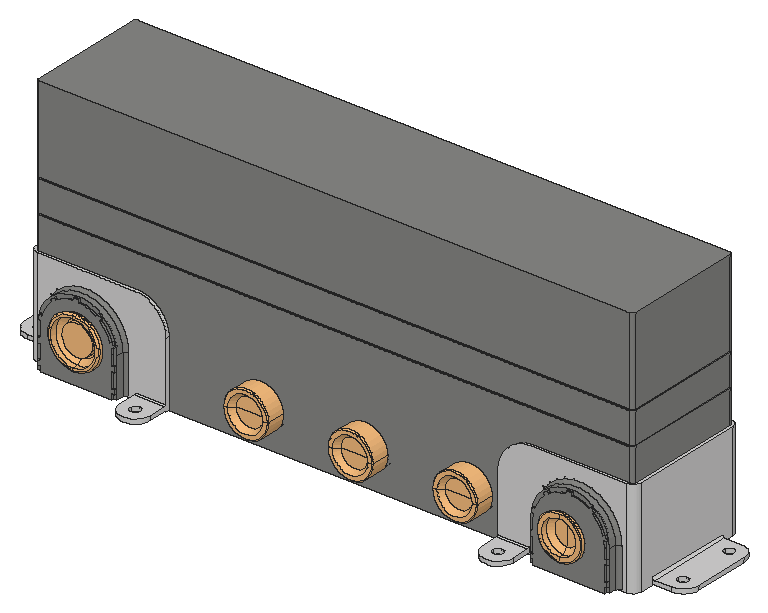
Revit family "Valve-Four_Outlet_Thermostatic-KOHLER-26342W_1", category Plumbing Fixtures, host Face, Revit 2017
Family settings
  Host = Face
  Round Connector Dimension = Use Diameter
  Part Type = Normal
  OmniClass Number = 23.27.31.00
  OmniClass Title = Valves
  Cut with Voids When Loaded = No
  Shared = No
  Room Calculation Point = No
Parameters (values of type "NA-Not Applicable")
  Width = 16 33/64"  # constant formula
  WaterSense Certified = 1 = 0  # no
  Waste Connection = 1 = 0  # no
  Vent Connection = 1 = 0  # no
  Tempered Water Outlet 4 = "Tempered Water Outlet 4"  # constant formula
  Tempered Water Outlet 3 = "Tempered Water Outlet 3"  # constant formula
  Tempered Water Outlet 2 = "Tempered Water Outlet 2"  # constant formula
  Tempered Water Outlet 1 = "Tempered Water Outlet 1"  # constant formula
  URL = "https://www.kohler.co.uk/"
  Type = 1
  Product Page URL = ""
  Product Name = ""
  Product Documentation Link = ""
  Pressure = 0.00 psi  # constant formula
  Model = "26342W-NA"  # constant formula
  Material = "Plastic construction"  # constant formula
  Master Format 2014 Name = "Control Valves"  # constant formula
  Master Format 2014 = "23 09 13.33"  # constant formula
  Manufacturer Address = "Cromwell Road, Cheltenham, Gloucestershire. GL52 5EP Registered in England No. 252115"  # constant formula
  Manufacturer = "KOHLER Co."  # constant formula
  Length = 6 13/128"  # constant formula
  Hot Water Inlet = "Hot Water Inlet"  # constant formula
  Height = 4 113/128"  # constant formula
  HW Connection = 1 = 1  # yes
  Flow Rate = 1.75 GPM  # constant formula
  Finish = Kohler-Plastic-58-Thunder_Grey
  Environmental Product Declaration = ""
  Description = "REC PUSH-BUTTON TH VALVE- 4 OUTLET"  # constant formula
  Default Elevation = 42"
  Declare Label = ""
  Date Modified = "02/09/2021"  # constant formula
  Date Created = "02/09/2021"  # constant formula
  Copyright = "Copyright KOHLER Co."  # constant formula
  Contact Us = "https://www.kohler.co.uk/support/contact/"
  Tempered Water Outlet 4 UP [instance] = yes
  Tempered Water Outlet 4 Down [instance] = not(Tempered Water Outlet 4 UP)  # no
  Tempered Water Outlet 3 UP [instance] = yes
  Tempered Water Outlet 3 Down [instance] = not(Tempered Water Outlet 3 UP)  # no
  Tempered Water Outlet 2 UP [instance] = yes
  Tempered Water Outlet 2 Down [instance] = not(Tempered Water Outlet 2 UP)  # no
  Tempered Water Outlet 1 UP [instance] = yes
  Tempered Water Outlet 1 Down [instance] = not(Tempered Water Outlet 1 UP)  # no
  Cold Water Inlet = "Cold Water Inlet"  # constant formula
  CW Connection = 1 = 1  # yes
  Assembly Code = "D2020"
  ADA Compliant = 1 = 0  # no
Reference planes (in)
  plane 1 "Center (Front/Back)": y = 0
  plane 2: z = 0
  plane 3 "Center (Left/Right)": x = 0
  plane 4: y = 2.44056
  plane 5: y = -2.44225
  plane 6: x = -8.2579
  plane 7: x = 8.25773
  plane 8: y = 2.06786
  plane 9: x = -7.88396
  plane 10: x = 7.88396
  plane 11: y = 0.7088
  plane 12: y = -0.7088
  plane 13: y = -2.06786
  plane 14: x = -4.439
  plane 15: x = 4.439
  plane 16: y = 1.59449
  plane 17: y = -1.59449
  plane 18: x = -7.41144
  plane 19: x = 7.41144
  plane 20: x = -6.0332
  plane 21: x = -1.81655
  plane 22: x = 3.3062
  plane 23: x = 0.7424
  plane 24: y = 1.06299
  plane 25: y = -1.06299
  plane 26: y = 1.51575
  plane 27: y = -1.51575
  plane 28: x = -7.31302
  plane 29: x = 3.67991
  plane 30: x = 7.31302
  plane 31: x = 5.84649
  plane 32: z = -6.10156
  plane 33: z = -5.22155
  plane 34: z = -5.11726
Forms (in)
  Extrusion 1, void
    sketch origin (0, 0, 0) x (1, 0, 0) y (0, 1, 0)
      loop
        line (-7.41144, 1.59449) -> (-7.41144, -1.59449) -> (7.41144, -1.59449) -> (7.41144, 1.59449) -> (-7.41144, 1.59449)
    from -6.10156 to 0.42611
  Extrusion 2, void
    sketch origin (0, 0, 0) x (1, 0, 0) y (0, 1, 0)
      loop
        line (-8.2579, 2.44188) -> (-8.2579, -2.44056) -> (8.2579, -2.44056) -> (8.2579, 2.44188) -> (-8.2579, 2.44188)
    from -6.10236 to -3.65797
Dimensions and locks (in)
  "Width": plane 6 to plane 7
  plane 14 to plane 15 = 8.878"
  plane 9 to plane 10 = 15.76792"
  plane 12 to plane 11 = 1.4176"
  plane 18 to plane 19 = 14.82288"
  plane 16 to plane 17 = 3.18898"
  plane 28 to plane 30 = 14.62603"
  plane 30 to plane 28 = 14.62603"
  plane 34 to plane 32 = 0.98431"
  plane 33 to plane 32 = 0.88001"
  "Length": level to plane 32
  "Height": plane 4 to plane 5
  aligned and locked: plane 2 to host face
  aligned and locked: level to host face
Automatic sketch dimensions
  host sketch curve to host sketch curve = 96"  (x2)
  Extrusion 1 sketch curve to plane 18 = 0"
  plane 17 to Extrusion 1 sketch curve = 0"
  Extrusion 1 sketch curve to plane 16 = 0"
  Extrusion 1 sketch curve to plane 19 = 0"
  Extrusion 2 sketch curve to plane 5 = 0.00169"
  plane 4 to Extrusion 2 sketch curve = 0.00132"
  Extrusion 2 sketch curve to plane 6 = 0"
  plane 7 to Extrusion 2 sketch curve = 0.00017"
Nested families (in)
  nested 1: "26342W" at (0, 0, -6.10236), type "26342W"
Connectors (in)
  piping at (-1.81655, 1.9404, -5.22241), diameter 0.5, driven by "Tempered Water Outlet 1", driven by "Flow Rate", driven by "HW Connection"
    settings: on nested 1, index 1, connector inside diameter 24", connector length 0", flow factor 0, pipe flow 1.75 GPM, pressure drop 0.00 psi, fitting loss kfactor 0, connector angle 0.00°, fixture units 0, engagement length 0", angle of deflection 0.00°, flow configuration 1, flow direction 2, fitting loss method 0, system type 19, joint type 0, gender type 0, connector reference index -1, connector utility 1, adjustable connector no, is connector primary yes, connector description "Tempered Water Outlet 1"
  piping at (0.7424, 1.9404, -5.22241), diameter 0.5, driven by "Flow Rate", driven by "HW Connection", driven by "Tempered Water Outlet 2"
    settings: on nested 1, index 2, connector inside diameter 24", connector length 0", flow factor 0, pipe flow 1.75 GPM, pressure drop 0.00 psi, fitting loss kfactor 0, connector angle 0.00°, fixture units 0, engagement length 0", angle of deflection 0.00°, flow configuration 1, flow direction 2, fitting loss method 0, system type 19, joint type 0, gender type 0, connector reference index -1, connector utility 1, adjustable connector no, is connector primary no, connector description "Tempered Water Outlet 2"
  piping at (3.3062, 1.94039, -5.22241), diameter 0.5, driven by "Flow Rate", driven by "HW Connection", driven by "Tempered Water Outlet 3"
    settings: on nested 1, index 3, connector inside diameter 24", connector length 0", flow factor 0, pipe flow 1.75 GPM, pressure drop 0.00 psi, fitting loss kfactor 0, connector angle 0.00°, fixture units 0, engagement length 0", angle of deflection 0.00°, flow configuration 1, flow direction 2, fitting loss method 0, system type 19, joint type 0, gender type 0, connector reference index -1, connector utility 1, adjustable connector no, is connector primary no, connector description "Tempered Water Outlet 3"
  piping at (5.84649, 1.85039, -5.22241), diameter 0.5, driven by "Flow Rate", driven by "HW Connection", driven by "Tempered Water Outlet 4"
    settings: on nested 1, index 4, connector inside diameter 24", connector length 0", flow factor 0, pipe flow 1.75 GPM, pressure drop 0.00 psi, fitting loss kfactor 0, connector angle 0.00°, fixture units 0, engagement length 0", angle of deflection 0.00°, flow configuration 1, flow direction 2, fitting loss method 0, system type 19, joint type 0, gender type 0, connector reference index -1, connector utility 1, adjustable connector no, is connector primary no, connector description "Tempered Water Outlet 4"
  piping at (-6.0332, -1.85039, -5.11811), diameter 0.75, driven by "Flow Rate", driven by "HW Connection", driven by "Hot Water Inlet"
    settings: on nested 1, index 5, connector inside diameter 24", connector length 0", flow factor 0, pipe flow 1.75 GPM, pressure drop 0.00 psi, fitting loss kfactor 0, connector angle 0.00°, fixture units 0, engagement length 0", angle of deflection 0.00°, flow configuration 1, flow direction 1, fitting loss method 0, system type 19, joint type 0, gender type 0, connector reference index -1, connector utility 1, adjustable connector no, is connector primary no, connector description "Hot Water Inlet"
  piping at (-6.0332, 1.85039, -5.11811), diameter 0.75, driven by "Flow Rate", driven by "CW Connection", driven by "Cold Water Inlet"
    settings: on nested 1, index 6, connector inside diameter 24", connector length 0", flow factor 0, pipe flow 1.75 GPM, pressure drop 0.00 psi, fitting loss kfactor 0, connector angle 0.00°, fixture units 0, engagement length 0", angle of deflection 0.00°, flow configuration 0, flow direction 1, fitting loss method 0, system type 20, joint type 0, gender type 0, connector reference index -1, connector utility 1, adjustable connector no, is connector primary no, connector description "Cold Water Inlet"
Definition of nested family "26342W"
  Parameters (values of type "26342W")
    Material = none
    Connector 4 UP = yes
    Connector 4 Down = not(Connector 4 UP)  # no
    Connector 4 Dis = if(Connector 4 UP, 3 1/32", 0")  # 3 1/32"
    Connector 4 Angle = if(Connector 4 UP, 0.00°, 180.00°)  # 0.00°
    Connector 3 UP = yes
    Connector 3 Down = not(Connector 3 UP)  # no
    Connector 3 Dis = if(Connector 3 UP, 3 1/32", 0")  # 3 1/32"
    Connector 3 Angle = if(Connector 3 UP, 180.00°, 0.00°)  # 180.00°
    Connector 2 UP = yes
    Connector 2 Down = not(Connector 2 UP)  # no
    Connector 2 Dis = if(Connector 2 UP, 3 1/32", 0")  # 3 1/32"
    Connector 2 Angle = if(Connector 2 UP, 0.00°, 180.00°)  # 0.00°
    Connector 1 UP = yes
    Connector 1 Down = not(Connector 1 UP)  # no
    Connector 1 Dis = if(Connector 1 UP, 3 1/32", 0")  # 3 1/32"
    Connector 1 Angle = if(Connector 1 UP, 180.00°, 0.00°)  # 180.00°
  Reference planes (in)
    plane 1 "Center (Front/Back)": y = 0
    plane 2: z = 0
    plane 3 "Center (Left/Right)": x = 0
    plane 4: y = 2.44056
    plane 5: y = 1.51575
    plane 6: y = -2.44056
    plane 7: y = -1.51575
    plane 8: y = 1.59449
    plane 9: y = -1.59449
    plane 10: x = -8.2579
    plane 11: x = -7.41144
    plane 12: x = -7.31302
    plane 13: x = -7.0079
    plane 14: x = -6.96853
    plane 15: x = -5.05851
    plane 16: x = -5.09788
    plane 17: x = -4.81302
    plane 18: x = -4.06498
    plane 19: x = -2.37242
    plane 20: x = -1.26962
    plane 21: x = 0.18692
    plane 22: x = 1.28972
    plane 23: x = 2.74605
    plane 24: x = 3.84885
    plane 25: x = 4.06498
    plane 26: x = 4.81302
    plane 27: x = 5.05851
    plane 28: x = 5.09788
    plane 29: x = 5.30429
    plane 30: x = 6.40685
    plane 31: x = 6.96853
    plane 32: x = 7.0079
    plane 33: x = 8.2579
    plane 34: x = 7.41144
    plane 35: x = 7.31302
    plane 36: z = 6.10236
    plane 37: z = 5.70866
    plane 38: z = 2.38189
    plane 39: z = 0.11829
    plane 40: x = -7.06464
    plane 41: x = -7.21499
    plane 42: x = -4.99619
    plane 43: x = -4.93113
    plane 44: x = 4.96061
    plane 45: x = 7.10628
    plane 46: x = 7.21499
    plane 47: x = -1.81655
    plane 48: x = 5.84649
    plane 49: x = 3.3062
    plane 50: x = 0.7424
    plane 51: x = -6.0332
    plane 52: y = 1.43715
    plane 53: y = 1.39764
    plane 54: y = -1.43715
    plane 55: y = -1.39764
    plane 56: y = -0.04594
    plane 57: y = 1.06299
    plane 58: y = -1.06299
    plane 59: y = 0.7088
    plane 60: y = -0.70874
    plane 61: y = 2.06786
    plane 62: x = -4.439
    plane 63: x = -7.88396
    plane 64: x = 7.88396
    plane 65: y = -2.06786
    plane 66: x = 4.439
    plane 67: z = 0.21715
    plane 68 "B": y = 1.5155
    plane 69 "C": y = 1.5155
    plane 70 "D": y = 1.5155
    plane 71 "E": y = 1.5155
    plane 72: z = 0.87995
    plane 73: z = 0.98425
    plane 74: y = 1.98819
    plane 75: y = -1.98819
  Forms (in)
    Extrusion 1, solid, material <- "Material", detail levels medium+fine
      sketch origin (0, 0, 0) x (1, 0, 0) y (0, 1, 0)
        loop
          line (7.23528, 1.51575) -> (-7.23442, 1.51575)
          arc (-7.23442, 1.51575) -> (-7.29, 1.49273) -> (-7.31302, 1.43715) r 0.0786
          line (-7.31302, 1.43715) -> (-7.31302, -1.43749)
          arc (-7.31302, -1.43749) -> (-7.29009, -1.49283) -> (-7.23476, -1.51575) r 0.07826
          line (-7.23476, -1.51575) -> (7.23455, -1.51575)
          arc (7.23455, -1.51575) -> (7.29, -1.49278) -> (7.31297, -1.43733) r 0.07842
          line (7.31297, -1.43733) -> (7.31297, 1.43806)
          arc (7.31297, 1.43806) -> (7.29022, 1.49299) -> (7.23528, 1.51575) r 0.07769
      from 0 to 6.10236
    Extrusion 2, solid, detail levels medium+fine
      sketch origin (0, 0, 0) x (1, 0, 0) y (0, 1, 0)
        loop
          line (-3.3914, 1.59449) -> (-7.21405, 1.59449)
          arc (-7.21405, 1.59449) -> (-7.35363, 1.53667) -> (-7.41144, 1.3971) r 0.19739
          line (-7.41144, 1.3971) -> (-7.41144, -1.39804)
          arc (-7.41144, -1.39804) -> (-7.3539, -1.53695) -> (-7.21499, -1.59449) r 0.19645
          line (-7.21499, -1.59449) -> (-3.3914, -1.59449) -> (-3.3914, 1.59449)
        loop
          line (3.827, 1.59449) -> (3.827, -1.59449) -> (7.21499, -1.59449)
          arc (7.21499, -1.59449) -> (7.3539, -1.53695) -> (7.41144, -1.39804) r 0.19645
          line (7.41144, -1.39804) -> (7.41144, 1.3971)
          arc (7.41144, 1.3971) -> (7.35363, 1.53667) -> (7.21405, 1.59449) r 0.19739
          line (7.21405, 1.59449) -> (3.827, 1.59449)
      from 0 to 3.16929
    Extrusion 3, void
      sketch origin (0, 0, 0) x (1, 0, 0) y (0, 0, 1)
        loop
          arc (-4.8502, 2.38189) -> (-4.29497, 2.15191) -> (-4.06498, 1.59667) r 0.78522
          line (-4.06498, 1.59667) -> (-4.06498, -0.30561) -> (-3.06498, -0.30561) -> (-3.06498, 3.38189) -> (-7.81498, 3.38189) -> (-7.81498, 2.38189) -> (-4.8502, 2.38189)
        loop
          line (7.8518, 2.38189) -> (7.8518, 3.38189) -> (3.2893, 3.38189) -> (3.2893, -0.71748) -> (4.06494, -0.71748) -> (4.06494, 1.59502)
          arc (4.06494, 1.59502) -> (4.29541, 2.15142) -> (4.8518, 2.38189) r 0.78687
          line (4.8518, 2.38189) -> (7.8518, 2.38189)
      from -2.82494 to 2.86769
    Extrusion 4, solid, detail levels medium+fine
      sketch origin (0, 0, -0.00391) x (1, 0, 0) y (0, 1, 0)
        loop
          line (-7.41144, 1.06299) -> (-7.8832, 1.06299)
          arc (-7.8832, 1.06299) -> (-8.14815, 0.95325) -> (-8.2579, 0.68829) r 0.3747
          line (-8.2579, 0.68829) -> (-8.2579, -0.68823)
          arc (-8.2579, -0.68823) -> (-8.14813, -0.95323) -> (-7.88314, -1.06299) r 0.37476
          line (-7.88314, -1.06299) -> (-7.41144, -1.06299) -> (-7.41144, 1.06299)
        loop
          arc (-4.81302, -2.06655) -> (-4.439, -2.44056) -> (-4.06498, -2.06655) r 0.37402
          line (-4.06498, -2.06655) -> (-4.06498, -1.59449) -> (-4.81302, -1.59449) -> (-4.81302, -2.06655)
        loop
          line (-4.06498, 1.59449) -> (-4.06498, 2.06786)
          arc (-4.06498, 2.06786) -> (-4.439, 2.44188) -> (-4.81302, 2.06786) r 0.37402
          line (-4.81302, 2.06786) -> (-4.81302, 1.59449) -> (-4.06498, 1.59449)
        loop
          circle (-7.88396, 0.7088) r 0.12529
        loop
          circle (-7.88396, -0.7088) r 0.12529
        loop
          circle (-4.439, 2.06786) r 0.12354
        loop
          circle (-4.439, -2.06655) r 0.12509
        loop
          line (7.41144, 1.06299) -> (7.41144, -1.06299) -> (7.88314, -1.06299)
          arc (7.88314, -1.06299) -> (8.14813, -0.95323) -> (8.2579, -0.68823) r 0.37476
          line (8.2579, -0.68823) -> (8.2579, 0.68829)
          arc (8.2579, 0.68829) -> (8.14815, 0.95325) -> (7.8832, 1.06299) r 0.3747
          line (7.8832, 1.06299) -> (7.41144, 1.06299)
        loop
          line (4.81302, -2.06655) -> (4.81302, -1.59449) -> (4.06498, -1.59449) -> (4.06498, -2.06655)
          arc (4.06498, -2.06655) -> (4.439, -2.44056) -> (4.81302, -2.06655) r 0.37402
        loop
          line (4.06498, 1.59449) -> (4.81302, 1.59449) -> (4.81302, 2.06786)
          arc (4.81302, 2.06786) -> (4.439, 2.44188) -> (4.06498, 2.06786) r 0.37402
          line (4.06498, 2.06786) -> (4.06498, 1.59449)
        loop
          circle (7.88396, 0.7088) r 0.12529
        loop
          circle (7.88396, -0.7088) r 0.12529
        loop
          circle (4.439, 2.06786) r 0.12354
        loop
          circle (4.439, -2.06655) r 0.12509
      from 0.02344 to 0.12219
    Sweep 5, solid, material <- "Material", detail levels medium+fine
      path origin (0, 0, 0) x (1, 0, 0) y (0, 0, 1)
        loop
          line (-5.05908, 0.01969) -> (-5.05908, 0.98445)
          arc (-5.05908, 0.98445) -> (-6.03349, 1.95886) -> (-7.0079, 0.98445) r 0.97441
          line (-7.0079, 0.98445) -> (-7.0079, 0.01969)
      profile origin (-7.0079, 0, 0.50207) x (0, -1, 0) y (1, 0, 0)
        loop
          line (1.85039, 0) -> (1.85039, 0.31023) -> (1.58863, 0.31023) -> (1.58863, -0.07652)
          arc (1.58863, -0.07652) -> (1.62824, -0.02118) -> (1.69291, 0) r 0.10932
          line (1.69291, 0) -> (1.85039, 0)
        loop
          line (-1.85039, 0) -> (-1.69291, 0)
          arc (-1.69291, 0) -> (-1.62824, -0.02118) -> (-1.58863, -0.07652) r 0.10932
          line (-1.58863, -0.07652) -> (-1.58863, 0.31023) -> (-1.85039, 0.31023) -> (-1.85039, 0)
    Sweep 6, solid, material <- "Material", detail levels medium+fine
      path origin (0, 0, 0) x (-1, 0, 0) y (0, 0, 1)
        loop
          line (-5.05908, 0.01969) -> (-5.05908, 0.98445)
          arc (-5.05908, 0.98445) -> (-6.03349, 1.95886) -> (-7.0079, 0.98445) r 0.97441
          line (-7.0079, 0.98445) -> (-7.0079, 0.01969)
      profile origin (7.0079, 0, 0.50207) x (0, -1, 0) y (1, 0, 0)
        loop
          line (1.85039, 0) -> (1.69291, 0)
          arc (1.69291, 0) -> (1.62042, 0.02929) -> (1.58863, 0.10072) r 0.10435
          line (1.58863, 0.10072) -> (1.58863, -0.31023) -> (1.85039, -0.31023) -> (1.85039, 0)
        loop
          line (-1.85039, 0) -> (-1.85039, -0.31023) -> (-1.58863, -0.31023) -> (-1.58863, 0.10072)
          arc (-1.58863, 0.10072) -> (-1.62042, 0.02929) -> (-1.69291, 0) r 0.10435
          line (-1.69291, 0) -> (-1.85039, 0)
    Extrusion 7, solid, material <- "Material", detail levels medium+fine
      sketch origin (0, 0, 0) x (1, 0, 0) y (0, 0, 1)
        loop
          line (-6.90947, 0.1378) -> (-6.90947, 0) -> (-5.1575, 0) -> (-5.1575, 0.1378) -> (-5.09845, 0.1378) -> (-5.09845, 0.25591) -> (-5.1575, 0.25591) -> (-5.1575, 0.62992) -> (-5.09845, 0.62992) -> (-5.09845, 0.74803) -> (-5.1575, 0.74803) -> (-5.1575, 0.98425)
          arc (-5.1575, 0.98425) -> (-5.16093, 1.06162) -> (-5.17117, 1.13839) r 0.87598
          line (-5.17117, 1.13839) -> (-5.1138, 1.15269)
          arc (-5.1138, 1.15269) -> (-5.12627, 1.21045) -> (-5.14235, 1.2673) r 0.93495
          line (-5.14235, 1.2673) -> (-5.19974, 1.25299)
          arc (-5.19974, 1.25299) -> (-5.29883, 1.46135) -> (-5.44887, 1.63661) r 0.87598
          line (-5.44887, 1.63661) -> (-5.4124, 1.68329)
          arc (-5.4124, 1.68329) -> (-5.45778, 1.72112) -> (-5.50546, 1.75602) r 0.93495
          line (-5.50546, 1.75602) -> (-5.54194, 1.70932)
          arc (-5.54194, 1.70932) -> (-5.7483, 1.81251) -> (-5.97443, 1.85824) r 0.87598
          line (-5.97443, 1.85824) -> (-5.97443, 1.91753)
          arc (-5.97443, 1.91753) -> (-6.03349, 1.9194) -> (-6.09254, 1.91753) r 0.93495
          line (-6.09254, 1.91753) -> (-6.09254, 1.85824)
          arc (-6.09254, 1.85824) -> (-6.31868, 1.81251) -> (-6.52503, 1.70932) r 0.87598
          line (-6.52503, 1.70932) -> (-6.56151, 1.75602)
          arc (-6.56151, 1.75602) -> (-6.60919, 1.72112) -> (-6.65458, 1.68329) r 0.93495
          line (-6.65458, 1.68329) -> (-6.61811, 1.63661)
          arc (-6.61811, 1.63661) -> (-6.76815, 1.46135) -> (-6.86723, 1.25299) r 0.87598
          line (-6.86723, 1.25299) -> (-6.92462, 1.2673)
          arc (-6.92462, 1.2673) -> (-6.94071, 1.21045) -> (-6.95317, 1.15269) r 0.93495
          line (-6.95317, 1.15269) -> (-6.8958, 1.13839)
          arc (-6.8958, 1.13839) -> (-6.90605, 1.06162) -> (-6.90947, 0.98425) r 0.87598
          line (-6.90947, 0.98425) -> (-6.90947, 0.74803) -> (-6.96853, 0.74803) -> (-6.96853, 0.62992) -> (-6.90947, 0.62992) -> (-6.90947, 0.25591) -> (-6.96853, 0.25591) -> (-6.96853, 0.1378) -> (-6.90947, 0.1378)
        loop
          line (6.90926, 0.1378) -> (6.96832, 0.1378) -> (6.96832, 0.25591) -> (6.90926, 0.25591) -> (6.90926, 0.62992) -> (6.96832, 0.62992) -> (6.96832, 0.74803) -> (6.90926, 0.74803) -> (6.90926, 0.98425)
          arc (6.90926, 0.98425) -> (6.90584, 1.06162) -> (6.8956, 1.13839) r 0.87598
          line (6.8956, 1.13839) -> (6.95296, 1.15269)
          arc (6.95296, 1.15269) -> (6.9405, 1.21045) -> (6.92441, 1.2673) r 0.93495
          line (6.92441, 1.2673) -> (6.86702, 1.25299)
          arc (6.86702, 1.25299) -> (6.76794, 1.46135) -> (6.6179, 1.63661) r 0.87598
          line (6.6179, 1.63661) -> (6.65437, 1.68329)
          arc (6.65437, 1.68329) -> (6.60899, 1.72112) -> (6.5613, 1.75602) r 0.93495
          line (6.5613, 1.75602) -> (6.52483, 1.70932)
          arc (6.52483, 1.70932) -> (6.31847, 1.81251) -> (6.09233, 1.85824) r 0.87598
          line (6.09233, 1.85824) -> (6.09233, 1.91753)
          arc (6.09233, 1.91753) -> (6.03328, 1.9194) -> (5.97422, 1.91753) r 0.93495
          line (5.97422, 1.91753) -> (5.97422, 1.85824)
          arc (5.97422, 1.85824) -> (5.74809, 1.81251) -> (5.54173, 1.70932) r 0.87598
          line (5.54173, 1.70932) -> (5.50525, 1.75602)
          arc (5.50525, 1.75602) -> (5.45757, 1.72112) -> (5.41219, 1.68329) r 0.93495
          line (5.41219, 1.68329) -> (5.44866, 1.63661)
          arc (5.44866, 1.63661) -> (5.29862, 1.46135) -> (5.19954, 1.25299) r 0.87598
          line (5.19954, 1.25299) -> (5.14214, 1.2673)
          arc (5.14214, 1.2673) -> (5.12606, 1.21045) -> (5.11359, 1.15269) r 0.93495
          line (5.11359, 1.15269) -> (5.17096, 1.13839)
          arc (5.17096, 1.13839) -> (5.16072, 1.06162) -> (5.15729, 0.98425) r 0.87598
          line (5.15729, 0.98425) -> (5.15729, 0.74803) -> (5.09824, 0.74803) -> (5.09824, 0.62992) -> (5.15729, 0.62992) -> (5.15729, 0.25591) -> (5.09824, 0.25591) -> (5.09824, 0.1378) -> (5.15729, 0.1378) -> (5.15729, 0) -> (6.90926, 0) -> (6.90926, 0.1378)
      from -1.92913 to 1.8897
    Revolve 8, solid, detail levels medium+fine
      sketch origin (-6.0332, 0, 0) x (0, 1, 0) y (0, 0, 1)
        loop
          line (-1.98819, 1.58465) -> (-1.98819, 1.52773) -> (-1.85039, 1.52773) -> (-1.72942, 1.40675) -> (-1.72942, 0.98425) -> (1.72942, 0.98425) -> (1.72942, 1.40675) -> (1.85039, 1.52773) -> (1.98819, 1.52773) -> (1.98819, 1.58465) -> (1.94895, 1.62388) -> (-1.94895, 1.62388) -> (-1.98819, 1.58465)
        axis (1.98819, 0.98425) -> (-1.98819, 0.98425)
      angle from 0 to 360
    Revolve 9, solid, detail levels medium+fine
      sketch origin (5.85547, 0, 0) x (0, 1, 0) y (0, 0, 1)
        loop
          line (-1.9685, 1.30575) -> (-1.84716, 1.30575) -> (-1.72942, 1.188) -> (-1.72942, 0.88583) -> (1.72942, 0.88583) -> (1.72942, 1.188) -> (1.84716, 1.30575) -> (1.9685, 1.30575) -> (1.9685, 1.4127) -> (1.94882, 1.43701) -> (-1.94882, 1.43701) -> (-1.9685, 1.4127) -> (-1.9685, 1.30575)
        axis (-1.9685, 0.88583) -> (1.9685, 0.88583)
      angle from 0 to 360
    Revolve 10, solid, detail levels medium+fine
      sketch origin (0, 0, 0.88574) x (1, 0, 0) y (0, 1, 0)
        loop
          line (2.86415, -1.9685) -> (2.95569, -1.83778) -> (3.29722, -1.83778) -> (3.29722, 1.83778) -> (2.95569, 1.83778) -> (2.86415, 1.9685) -> (2.76572, 1.9685) -> (2.74604, 1.94039) -> (2.74604, -1.94039) -> (2.76572, -1.9685) -> (2.86415, -1.9685)
        axis (3.29722, -1.9685) -> (3.29722, 1.9685)
      angle from 0 to 360
    Revolve 11, solid, detail levels medium+fine
      sketch origin (4.03612, 0, 0.88574) x (-1, 0, 0) y (0, -1, 0)
        loop
          line (3.73029, 1.9685) -> (3.63876, 1.83777) -> (3.29722, 1.83777) -> (3.29722, -1.83778) -> (3.63876, -1.83778) -> (3.73029, -1.96851) -> (3.82872, -1.96851) -> (3.8484, -1.9404) -> (3.8484, 1.94039) -> (3.82872, 1.9685) -> (3.73029, 1.9685)
        axis (3.29722, 1.9685) -> (3.29722, -1.96851)
      angle from 0 to 360
    Revolve 12, solid, detail levels medium+fine
      sketch origin (-5.11824, 0, 0.88574) x (1, 0, 0) y (0, 1, 0)
        loop
          line (2.86415, -1.9685) -> (2.95569, -1.83778) -> (3.29722, -1.83778) -> (3.29722, 1.83778) -> (2.95569, 1.83778) -> (2.86415, 1.9685) -> (2.76572, 1.9685) -> (2.74604, 1.94039) -> (2.74604, -1.94039) -> (2.76572, -1.9685) -> (2.86415, -1.9685)
        axis (3.29722, -1.9685) -> (3.29722, 1.9685)
      angle from 0 to 360
    Sweep 13, void
      path origin (0, 0, 0) x (1, 0, 0) y (0, 1, 0)
        loop
          line (-7.31302, 1.43715) -> (-7.31302, -1.43749)
          arc (-7.31302, -1.43749) -> (-7.29009, -1.49283) -> (-7.23476, -1.51575) r 0.07826
          line (-7.23476, -1.51575) -> (7.23455, -1.51575)
          arc (7.23455, -1.51575) -> (7.29, -1.49278) -> (7.31297, -1.43733) r 0.07842
          line (7.31297, -1.43733) -> (7.31297, 1.43806)
          arc (7.31297, 1.43806) -> (7.29022, 1.49299) -> (7.23528, 1.51575) r 0.07769
          line (7.23528, 1.51575) -> (-7.23442, 1.51575)
          arc (-7.23442, 1.51575) -> (-7.29, 1.49273) -> (-7.31302, 1.43715) r 0.0786
      profile origin (-7.31302, -0.00017, 0) x (1, 0, 0) y (0, 0, 1)
        loop
          line (0.01969, 3.20866) -> (-0.03333, 3.20866) -> (-0.03333, 3.16929) -> (0.01969, 3.16929) -> (0.01969, 3.20866)
        loop
          line (0.01969, 3.99606) -> (-0.03033, 3.99606) -> (-0.03033, 3.95669) -> (0.01969, 3.95669) -> (0.01969, 3.99606)
    Extrusion 14, void
      sketch origin (0, 0, 0) x (1, 0, 0) y (0, 0, 1)
        loop
          circle (-6.0332, 0.98425) r 0.60039
      from 1.43701 to 2.06237
    Extrusion 15, void
      sketch origin (0, 0, 0) x (1, 0, 0) y (0, 0, 1)
        loop
          circle (5.85547, 0.88583) r 0.44719
      from 1.06299 to 2.19501
    Extrusion 16, void
      sketch origin (0, 0, 0) x (1, 0, 0) y (0, 0, -1)
        loop
          circle (-6.0332, -0.98425) r 0.60039
      from 1.43701 to 2.06237
    Extrusion 17, void
      sketch origin (0, 0, 0) x (1, 0, 0) y (0, 0, -1)
        loop
          circle (5.85547, -0.88583) r 0.5
      from 1.06299 to 2.19501
    Extrusion 18, solid, detail levels medium+fine
      sketch origin (0, 0, 0) x (1, 0, 0) y (0, 0, 1)
        loop
          line (-7.50289, 0.11079) -> (-7.40402, 0.11079) -> (-7.40402, 0.20277)
          arc (-7.40402, 0.20277) -> (-7.43537, 0.13734) -> (-7.50289, 0.11079) r 0.09913
      from -1.06299 to 1.06299
    Extrusion 19, solid, detail levels medium+fine
      sketch origin (0, 0, 0) x (-1, 0, 0) y (0, 0, -1)
        loop
          arc (-7.50289, -0.11079) -> (-7.43537, -0.13734) -> (-7.40402, -0.20277) r 0.09913
          line (-7.40402, -0.20277) -> (-7.40402, -0.11079) -> (-7.50289, -0.11079)
      from -1.06299 to 1.06299
    Extrusion 20, solid, detail levels medium+fine
      sketch origin (0, -0.10547, -0.00391) x (0, 1, 0) y (0, 0, 1)
        loop
          arc (1.75993, 0.11488) -> (1.70932, 0.14101) -> (1.68901, 0.19422) r 0.07984
          line (1.68901, 0.19422) -> (1.68901, 0.11488) -> (1.75993, 0.11488)
      from 4.06494 to 4.81302
    Extrusion 21, solid, detail levels medium+fine
      sketch origin (0, -0.10547, -0.00391) x (0, 1, 0) y (0, 0, -1)
        loop
          line (1.75993, -0.11488) -> (1.68901, -0.11488) -> (1.68901, -0.19422)
          arc (1.68901, -0.19422) -> (1.70932, -0.14101) -> (1.75993, -0.11488) r 0.07984
      from 4.06494 to 4.81302
    Extrusion 22, solid, detail levels medium+fine
      sketch origin (0, 0.10547, -0.00391) x (0, -1, 0) y (0, 0, -1)
        loop
          line (1.75993, -0.11488) -> (1.68901, -0.11488) -> (1.68901, -0.19422)
          arc (1.68901, -0.19422) -> (1.70932, -0.14101) -> (1.75993, -0.11488) r 0.07984
      from 4.06494 to 4.81302
    Extrusion 23, solid, detail levels medium+fine
      sketch origin (0, 0.10547, -0.00391) x (0, -1, 0) y (0, 0, 1)
        loop
          arc (1.75993, 0.11488) -> (1.70932, 0.14101) -> (1.68901, 0.19422) r 0.07984
          line (1.68901, 0.19422) -> (1.68901, 0.11488) -> (1.75993, 0.11488)
      from 4.06494 to 4.81302
    Extrusion 24, solid, detail levels medium+fine
      sketch origin (0, 0, 0) x (1, 0, 0) y (0, 0, 1)
        loop
          circle (-6.0332, 0.98425) r 0.375
      from -1.85039 to 1.85039
    Extrusion 25, solid, material <- "Material", detail levels coarse
      sketch origin (0, 0, 0) x (1, 0, 0) y (0, 0, 1)
        loop
          line (7.34422, 6.22736) -> (-7.37552, 6.22736) -> (-7.37552, 0) -> (7.34422, 0) -> (7.34422, 6.22736)
      from -1.53543 to 1.53543
    Extrusion 26, solid, detail levels coarse
      sketch origin (0, 0, 0) x (1, 0, 0) y (0, 0, 1)
        loop
          line (-7.53644, 2.44439) -> (-7.53644, 0) -> (-4.06498, 0) -> (-4.06498, 2.44439) -> (-7.53644, 2.44439)
      from -1.59449 to 1.59449
    Extrusion 27, solid, detail levels coarse
      sketch origin (0, 0, 0) x (-1, 0, 0) y (0, 0, -1)
        loop
          line (-7.53644, -2.44439) -> (-4.06498, -2.44439) -> (-4.06498, 0) -> (-7.53644, 0) -> (-7.53644, -2.44439)
      from -1.59449 to 1.59449
    Extrusion 28, solid, detail levels coarse
      sketch origin (0, 0, 0) x (1, 0, 0) y (0, 0, 1)
        loop
          line (-7.08442, 0) -> (-4.98256, 0) -> (-4.98256, 0.98862)
          arc (-4.98256, 0.98862) -> (-6.03349, 2.03955) -> (-7.08442, 0.98862) r 1.05093
          line (-7.08442, 0.98862) -> (-7.08442, 0)
      from -1.92913 to 1.8897
    Extrusion 29, solid, detail levels coarse
      sketch origin (0, 0, 0) x (-1, 0, 0) y (0, 0, -1)
        loop
          line (-7.08442, 0) -> (-7.08442, -0.98862)
          arc (-7.08442, -0.98862) -> (-6.03349, -2.03955) -> (-4.98256, -0.98862) r 1.05093
          line (-4.98256, -0.98862) -> (-4.98256, 0) -> (-7.08442, 0)
      from -1.92913 to 1.8897
    Extrusion 30, solid, detail levels coarse
      sketch origin (0, 0, 0) x (1, 0, 0) y (0, 0, 1)
        loop
          circle (-6.0332, 0.98425) r 0.69038
      from -1.98819 to 1.98819
    Extrusion 31, solid, detail levels coarse
      sketch origin (12.69224, 0, -0.09375) x (1, 0, 0) y (0, 0, 1)
        loop
          circle (-14.51192, 0.97949) r 0.58377
        loop
          circle (-11.952, 0.97949) r 0.58377
        loop
          circle (-9.39368, 0.97949) r 0.58377
      from -1.98819 to 1.98819
    Extrusion 32, solid, detail levels coarse
      sketch origin (11.89365, 0, -0.09375) x (1, 0, 0) y (0, 0, 1)
        loop
          circle (-6.03818, 0.97958) r 0.56629
      from -1.98819 to 1.98819
    Extrusion 33, solid, detail levels coarse
      sketch origin (0, 0, 0) x (1, 0, 0) y (0, 1, 0)
        loop
          line (-8.2579, -1.06299) -> (-7.41144, -1.06299) -> (-7.41144, -1.59449) -> (-4.81302, -1.59449) -> (-4.81302, -2.06655)
          arc (-4.81302, -2.06655) -> (-4.439, -2.44056) -> (-4.06498, -2.06655) r 0.37402
          line (-4.06498, -2.06655) -> (-4.06498, 2.06786)
          arc (-4.06498, 2.06786) -> (-4.439, 2.44188) -> (-4.81302, 2.06786) r 0.37402
          line (-4.81302, 2.06786) -> (-4.81302, 1.59449) -> (-7.41144, 1.59449) -> (-7.41144, 1.06299) -> (-8.2579, 1.06299) -> (-8.2579, -1.06299)
        loop
          line (8.2579, -1.06299) -> (8.2579, 1.06299) -> (7.41144, 1.06299) -> (7.41144, 1.59449) -> (4.81302, 1.59449) -> (4.81302, 2.06786)
          arc (4.81302, 2.06786) -> (4.439, 2.44188) -> (4.06498, 2.06786) r 0.37402
          line (4.06498, 2.06786) -> (4.06498, -2.06655)
          arc (4.06498, -2.06655) -> (4.439, -2.44056) -> (4.81302, -2.06655) r 0.37402
          line (4.81302, -2.06655) -> (4.81302, -1.59449) -> (7.41144, -1.59449) -> (7.41144, -1.06299) -> (8.2579, -1.06299)
        loop
          circle (-4.439, -2.06655) r 0.12509
        loop
          circle (-7.88396, -0.7088) r 0.12529
        loop
          circle (-7.88396, 0.7088) r 0.12529
        loop
          circle (-4.439, 2.06786) r 0.12354
        loop
          circle (4.439, 2.06786) r 0.12354
        loop
          circle (4.439, -2.06655) r 0.12509
        loop
          circle (7.88396, -0.7088) r 0.12529
        loop
          circle (7.88396, 0.7088) r 0.12529
      from 0 to 0.23414
    Revolve 34, solid, detail levels medium+fine
      sketch origin (5.84649, 1.5155, 0.87995) x (0, 1, 0) y (-1, 0, 0)
        loop
          line (0.00004, 0) -> (0.00004, -0.25) -> (0.33489, -0.25) -> (0.33489, 0) -> (0.00004, 0)
        axis (0.00004, 0) -> (0.33489, 0)
      angle from 0 to 360
    Revolve 35, solid, detail levels medium+fine
      sketch origin (3.3062, 1.5155, 0.87995) x (0, 1, 0) y (-1, 0, 0)
        loop
          line (0.00113, 0) -> (0.00113, -0.25) -> (0.42489, -0.25) -> (0.42489, 0) -> (0.00113, 0)
        axis (0.00113, 0) -> (0.42489, 0)
      angle from 0 to 360
    Revolve 36, solid, detail levels medium+fine
      sketch origin (0.7424, 1.5155, 0.87995) x (0, 1, 0) y (-1, 0, 0)
        loop
          line (0.0011, 0) -> (0.0011, -0.25) -> (0.4249, -0.25) -> (0.4249, 0) -> (0.0011, 0)
        axis (0.0011, 0) -> (0.4249, 0)
      angle from 0 to 360
    Revolve 37, solid, detail levels medium+fine
      sketch origin (-1.81655, 1.5155, 0.87995) x (0, 1, 0) y (-1, 0, 0)
        loop
          line (0.00116, 0) -> (0.00116, -0.25) -> (0.4249, -0.25) -> (0.4249, 0) -> (0.00116, 0)
        axis (0.00116, 0) -> (0.4249, 0)
      angle from 0 to 360
  Cuts and joins
    Sweep 13, Extrusion 16, Extrusion 17 cuts Extrusion 1
    Extrusion 16, Extrusion 17 cuts Sweep 5
    Extrusion 16, Extrusion 17 cuts Sweep 6
    Extrusion 14, Extrusion 15, Extrusion 16, Extrusion 17 cuts Extrusion 7
    joined: Extrusion 1, Sweep 5, Sweep 6, Extrusion 7
    Extrusion 3, Extrusion 16, Extrusion 17 cuts Extrusion 2
    joined: Extrusion 2, Extrusion 4, Extrusion 18, Extrusion 19, Extrusion 20, Extrusion 21, Extrusion 22, Extrusion 23
    joined: Revolve 8, Revolve 9, Revolve 10, Revolve 11, Revolve 12, Extrusion 24
    joined: Extrusion 26, Extrusion 27, Extrusion 28, Extrusion 29, Extrusion 33
    joined: Extrusion 30, Extrusion 31, Extrusion 32
  Lines and regions (in)
    Masking region 1
      outline origin (0, 0, 0) x (1, 0, 0) y (0, 1, 0)
        loop
          line (-7.41144, 1.39804) -> (-7.41144, -1.39804)
          arc (-7.41144, -1.39804) -> (-7.3539, -1.53695) -> (-7.21499, -1.59449) r 0.19645
          line (-7.21499, -1.59449) -> (7.21499, -1.59449)
          arc (7.21499, -1.59449) -> (7.3539, -1.53695) -> (7.41144, -1.39804) r 0.19645
          line (7.41144, -1.39804) -> (7.41144, 1.39804)
          arc (7.41144, 1.39804) -> (7.3539, 1.53695) -> (7.21499, 1.59449) r 0.19645
          line (7.21499, 1.59449) -> (-7.21499, 1.59449)
          arc (-7.21499, 1.59449) -> (-7.3539, 1.53695) -> (-7.41144, 1.39804) r 0.19645
    Masking region 2, detail levels medium+fine
      outline origin (0, 0, 0) x (1, 0, 0) y (0, 0, 1)
        loop
          line (7.31288, 6.10236) -> (-7.31302, 6.10236) -> (-7.31302, 2.38189) -> (-7.41144, 2.38189) -> (-7.41144, 0.21465)
          arc (-7.41144, 0.21465) -> (-7.43972, 0.14638) -> (-7.50798, 0.11811) r 0.09654
          line (-7.50798, 0.11811) -> (-8.2579, 0.11811) -> (-8.2579, 0) -> (8.2579, 0) -> (8.2579, 0.11826) -> (7.50928, 0.11826)
          arc (7.50928, 0.11826) -> (7.4401, 0.14692) -> (7.41144, 0.21611) r 0.09784
          line (7.41144, 0.21611) -> (7.41144, 2.38189) -> (7.31288, 2.38189) -> (7.31288, 6.10236)
    Masking region 3
      outline origin (0, 0, 0) x (0, 1, 0) y (0, 0, 1)
        loop
          line (1.51575, 6.10236) -> (-1.51575, 6.10236) -> (-1.51575, 2.38189) -> (-1.59449, 2.38189) -> (-1.59449, 2.05669)
          arc (-1.59449, 2.05669) -> (-1.62314, 1.98751) -> (-1.69233, 1.95886) r 0.09784
          line (-1.69233, 1.95886) -> (-1.85039, 1.95886) -> (-1.85039, 1.9194) -> (-1.8897, 1.9194) -> (-1.8897, 1.62388) -> (-1.94895, 1.62388) -> (-1.98819, 1.58465) -> (-1.98819, 0.37402) -> (-1.94882, 0.33465) -> (-1.8897, 0.33465) -> (-1.8897, 0.11826) -> (-2.44056, 0.11826) -> (-2.44056, 0) -> (-0.00047, 0) -> (2.44191, 0) -> (2.44191, 0.11826) -> (1.92913, 0.11826) -> (1.92913, 0.31495) -> (1.98819, 0.37402) -> (1.98819, 1.58465) -> (1.92876, 1.64407) -> (1.92876, 1.9194) -> (1.85039, 1.9194) -> (1.85039, 1.95886) -> (1.69233, 1.95886)
          arc (1.69233, 1.95886) -> (1.62314, 1.98751) -> (1.59449, 2.05669) r 0.09784
          line (1.59449, 2.05669) -> (1.59449, 2.38189) -> (1.51575, 2.38189) -> (1.51575, 6.10236)
    symbolic lines, detail levels medium+fine
      curve 1: line (-7.41144, 1.06299, 0) -> (-7.41144, -1.06299, 0)
      curve 2: line (-7.31302, -1.43715, 0) -> (-7.31302, 1.43715, 0)
      curve 3: arc (-7.23442, 1.51575, 0) -> (-7.29, 1.49273, 0) -> (-7.31302, 1.43715, 0) r 0.0786
      curve 4: line (-7.10632, 1.59449, 0) -> (-4.99677, 1.59449, 0)
      curve 5: line (0.47839, 1.51575, 0) -> (-7.23442, 1.51575, 0)
      curve 6: line (0.47839, 1.51575, 0) -> (7.23528, 1.51575, 0)
      curve 7: arc (7.31297, 1.43806, 0) -> (7.29022, 1.49299, 0) -> (7.23528, 1.51575, 0) r 0.07769
      curve 8: line (7.31297, -1.43782, 0) -> (7.31297, 1.43806, 0)
      curve 9: line (4.81302, 1.59449, 0) -> (4.06494, 1.59449, 0)
      curve 10: line (7.06964, 1.59449, 0) -> (4.99677, 1.59449, 0)
      curve 11: line (7.41144, -1.06299, 0) -> (7.41144, 1.06299, 0)
      curve 12: line (-4.81302, 1.59449, 0) -> (-4.06498, 1.59449, 0)
      curve 13: arc (-7.23442, -1.51575, 0) -> (-7.29, -1.49273, 0) -> (-7.31302, -1.43715, 0) r 0.0786
      curve 14: line (7.23528, -1.51575, 0) -> (-7.23442, -1.51575, 0)
      curve 15: arc (7.31297, -1.43782, 0) -> (7.29022, -1.49275, 0) -> (7.23528, -1.5155, 0) r 0.07769
      curve 16: line (4.81302, -1.59449, 0) -> (4.06494, -1.59449, 0)
      curve 17: line (7.06964, -1.59449, 0) -> (4.99677, -1.59449, 0)
      curve 18: line (-4.81302, -1.59449, 0) -> (-4.06498, -1.59449, 0)
      curve 19: line (-7.31302, 0, 5.70866) -> (7.31297, 0, 5.70866)
      curve 20: line (-7.21499, 0, 2.38189) -> (-7.21499, 0, 0.01969)
      curve 21: line (-7.88388, 0, 0.11811) -> (-7.88388, 0, 0.01969)
      curve 22: line (-7.31302, 0, 2.38189) -> (-4.8502, 0, 2.38189)
      curve 23: arc (-4.8502, 0, 2.38189) -> (-4.29497, 0, 2.15191) -> (-4.06498, 0, 1.59667) r 0.78522
      curve 24: line (-4.06498, 0, 1.59667) -> (-4.06498, 0, 0.01953)
      curve 25: line (-4.06498, 0, 0.11829) -> (-4.81302, 0, 0.11829)
      curve 26: line (-4.81302, 0, 0.21664) -> (-4.81302, 0, 0.01953)
      curve 27: line (-4.81302, 0, 0.01953) -> (-4.06498, 0, 0.01953)
      curve 28: line (-5.05908, 0, 0.01969) -> (-5.05908, 0, 0.98445)
      curve 29: arc (-5.05908, 0, 0.98445) -> (-6.03349, 0, 1.95886) -> (-7.0079, 0, 0.98445) r 0.97441
      curve 30: line (-7.0079, 0, 0.98445) -> (-7.0079, 0, 0.01969)
      curve 31: line (-6.90947, 0, 0.1378) -> (-6.90947, 0, 0)
      curve 32: line (-6.96853, 0, 0.1378) -> (-6.90947, 0, 0.1378)
      curve 33: line (-6.96853, 0, 0.25591) -> (-6.96853, 0, 0.1378)
      curve 34: line (-6.90947, 0, 0.25591) -> (-6.96853, 0, 0.25591)
      curve 35: line (-6.90947, 0, 0.62992) -> (-6.90947, 0, 0.25591)
      curve 36: line (-6.96853, 0, 0.62992) -> (-6.90947, 0, 0.62992)
      curve 37: line (-6.96853, 0, 0.74803) -> (-6.96853, 0, 0.62992)
      curve 38: line (-6.90947, 0, 0.74803) -> (-6.96853, 0, 0.74803)
      curve 39: line (-6.90947, 0, 0.98425) -> (-6.90947, 0, 0.74803)
      curve 40: arc (-6.8958, 0, 1.13839) -> (-6.90605, 0, 1.06162) -> (-6.90947, 0, 0.98425) r 0.87598
      curve 41: line (-6.95317, 0, 1.15269) -> (-6.8958, 0, 1.13839)
      curve 42: arc (-6.92462, 0, 1.2673) -> (-6.94071, 0, 1.21045) -> (-6.95317, 0, 1.15269) r 0.93495
      curve 43: line (-6.86723, 0, 1.25299) -> (-6.92462, 0, 1.2673)
      curve 44: arc (-6.61811, 0, 1.63661) -> (-6.76815, 0, 1.46135) -> (-6.86723, 0, 1.25299) r 0.87598
      curve 45: line (-6.65458, 0, 1.68329) -> (-6.61811, 0, 1.63661)
      curve 46: arc (-6.56151, 0, 1.75602) -> (-6.60919, 0, 1.72112) -> (-6.65458, 0, 1.68329) r 0.93495
      curve 47: line (-6.52503, 0, 1.70932) -> (-6.56151, 0, 1.75602)
      curve 48: arc (-6.09254, 0, 1.85824) -> (-6.31868, 0, 1.81251) -> (-6.52503, 0, 1.70932) r 0.87598
      curve 49: line (-6.09254, 0, 1.91753) -> (-6.09254, 0, 1.85824)
      curve 50: arc (-5.97443, 0, 1.91753) -> (-6.03349, 0, 1.9194) -> (-6.09254, 0, 1.91753) r 0.93495
      curve 51: line (-5.97443, 0, 1.85824) -> (-5.97443, 0, 1.91753)
      curve 52: arc (-5.54194, 0, 1.70932) -> (-5.7483, 0, 1.81251) -> (-5.97443, 0, 1.85824) r 0.87598
      curve 53: line (-5.50546, 0, 1.75602) -> (-5.54194, 0, 1.70932)
      curve 54: arc (-5.4124, 0, 1.68329) -> (-5.45778, 0, 1.72112) -> (-5.50546, 0, 1.75602) r 0.93495
      curve 55: line (-5.44887, 0, 1.63661) -> (-5.4124, 0, 1.68329)
      curve 56: arc (-5.19974, 0, 1.25299) -> (-5.29883, 0, 1.46135) -> (-5.44887, 0, 1.63661) r 0.87598
      curve 57: line (-5.14235, 0, 1.2673) -> (-5.19974, 0, 1.25299)
      curve 58: arc (-5.1138, 0, 1.15269) -> (-5.12627, 0, 1.21045) -> (-5.14235, 0, 1.2673) r 0.93495
      curve 59: line (-5.17117, 0, 1.13839) -> (-5.1138, 0, 1.15269)
      curve 60: arc (-5.1575, 0, 0.98425) -> (-5.16093, 0, 1.06162) -> (-5.17117, 0, 1.13839) r 0.87598
      curve 61: line (-5.1575, 0, 0.74803) -> (-5.1575, 0, 0.98425)
      curve 62: line (-5.09845, 0, 0.74803) -> (-5.1575, 0, 0.74803)
      curve 63: line (-5.09845, 0, 0.62992) -> (-5.09845, 0, 0.74803)
      curve 64: line (-5.1575, 0, 0.62992) -> (-5.09845, 0, 0.62992)
      curve 65: line (-5.1575, 0, 0.25591) -> (-5.1575, 0, 0.62992)
      curve 66: line (-5.09845, 0, 0.25591) -> (-5.1575, 0, 0.25591)
      curve 67: line (-5.09845, 0, 0.1378) -> (-5.09845, 0, 0.25591)
      curve 68: line (-5.1575, 0, 0.1378) -> (-5.09845, 0, 0.1378)
      curve 69: line (-5.1575, 0, 0) -> (-5.1575, 0, 0.1378)
      curve 70: line (-4.99619, 0, 0.01969) -> (-4.99619, 0, 0.98743)
      curve 71: line (-7.06464, 0, 0.01969) -> (-7.06464, 0, 0.98743)
      curve 72: arc (-7.06464, 0, 0.98743) -> (-6.03041, 0, 2.02165) -> (-4.99619, 0, 0.98743) r 1.03422
      curve 73: arc (-6.0332, 0, 1.62388) -> (-6.67284, 0, 0.98425) -> (-6.0332, 0, 0.34462) r 0.63963
      curve 74: arc (-6.0332, 0, 0.34462) -> (-5.39357, 0, 0.98425) -> (-6.0332, 0, 1.62388) r 0.63963
      curve 75: arc (-6.0332, 0, 1.58465) -> (-5.43281, 0, 0.98425) -> (-6.0332, 0, 0.38386) r 0.60039
      curve 76: arc (-6.0332, 0, 0.44078) -> (-5.48973, 0, 0.98425) -> (-6.0332, 0, 1.52773) r 0.54348
      curve 77: arc (-6.0332, 0, 1.52773) -> (-6.57668, 0, 0.98425) -> (-6.0332, 0, 0.44078) r 0.54348
      curve 78: arc (-6.0332, 0, 0.38386) -> (-6.6336, 0, 0.98425) -> (-6.0332, 0, 1.58465) r 0.60039
      curve 79: arc (-1.26984, 0, 0.88574) -> (-1.82102, 0, 1.43692) -> (-2.3722, 0, 0.88574) r 0.55118
      curve 80: arc (-1.28952, 0, 0.88574) -> (-1.82102, 0, 1.41724) -> (-2.35252, 0, 0.88574) r 0.5315
      curve 81: arc (-1.38795, 0, 0.88574) -> (-1.82102, 0, 1.31881) -> (-2.25409, 0, 0.88574) r 0.43307
      curve 82: arc (-2.25409, 0, 0.88574) -> (-1.82102, 0, 0.45267) -> (-1.38795, 0, 0.88574) r 0.43307
      curve 83: arc (-2.35252, 0, 0.88574) -> (-1.82102, 0, 0.35425) -> (-1.28952, 0, 0.88574) r 0.5315
      curve 84: arc (-2.3722, 0, 0.88574) -> (-1.82102, 0, 0.33456) -> (-1.26984, 0, 0.88574) r 0.55118
      curve 85: arc (0.18773, 0, 0.88574) -> (0.7389, 0, 1.43692) -> (1.29008, 0, 0.88574) r 0.55118
      curve 86: arc (1.2704, 0, 0.88574) -> (0.7389, 0, 1.41724) -> (0.20741, 0, 0.88574) r 0.5315
      curve 87: arc (0.30583, 0, 0.88574) -> (0.7389, 0, 1.31881) -> (1.17197, 0, 0.88574) r 0.43307
      curve 88: arc (1.17197, 0, 0.88574) -> (0.7389, 0, 0.45267) -> (0.30583, 0, 0.88574) r 0.43307
      curve 89: arc (0.20741, 0, 0.88574) -> (0.7389, 0, 0.35425) -> (1.2704, 0, 0.88574) r 0.5315
      curve 90: arc (1.29008, 0, 0.88574) -> (0.7389, 0, 0.33456) -> (0.18773, 0, 0.88574) r 0.55118
      curve 91: arc (3.8484, 0, 0.88574) -> (3.29722, 0, 1.43692) -> (2.74604, 0, 0.88574) r 0.55118
      curve 92: arc (3.82872, 0, 0.88574) -> (3.29722, 0, 1.41724) -> (2.76572, 0, 0.88574) r 0.5315
      curve 93: arc (3.73029, 0, 0.88574) -> (3.29722, 0, 1.31881) -> (2.86415, 0, 0.88574) r 0.43307
      curve 94: arc (2.86415, 0, 0.88574) -> (3.29722, 0, 0.45267) -> (3.73029, 0, 0.88574) r 0.43307
      curve 95: arc (2.76572, 0, 0.88574) -> (3.29722, 0, 0.35425) -> (3.82872, 0, 0.88574) r 0.5315
      curve 96: arc (2.74604, 0, 0.88574) -> (3.29722, 0, 0.33456) -> (3.8484, 0, 0.88574) r 0.55118
      curve 97: line (5.15729, 0, 0.01969) -> (4.98874, 0, 0.01969)
      curve 98: line (4.06494, 0, 0.11829) -> (4.81302, 0, 0.11829)
      curve 99: line (4.81302, 0, 0.11829) -> (4.81302, 0, 0.01953)
      curve 100: line (4.81302, 0, 0.01953) -> (4.06494, 0, 0.01953)
      curve 101: line (4.06494, 0, 0) -> (4.06494, 0, 1.59502)
      curve 102: arc (4.06494, 0, 1.59502) -> (4.29541, 0, 2.15142) -> (4.8518, 0, 2.38189) r 0.78687
      curve 103: line (4.8518, 0, 2.38189) -> (7.31297, 0, 2.38189)
      curve 104: line (4.96061, 0, 0.02701) -> (4.96061, 0, 0.98852)
      curve 105: line (5.05908, 0, 0.98445) -> (5.05908, 0, 0.01969)
      curve 106: arc (5.05908, 0, 0.98445) -> (6.03349, 0, 1.95886) -> (7.0079, 0, 0.98445) r 0.97441
      curve 107: line (7.0079, 0, 0.01969) -> (7.0079, 0, 0.98445)
      curve 108: line (6.90926, 0, 0) -> (6.90926, 0, 0.1378)
      curve 109: line (6.90926, 0, 0.1378) -> (6.96832, 0, 0.1378)
      curve 110: line (6.96832, 0, 0.1378) -> (6.96832, 0, 0.25591)
      curve 111: line (6.96832, 0, 0.25591) -> (6.90943, 0, 0.25591)
      curve 112: line (6.90943, 0, 0.25591) -> (6.90943, 0, 0.62992)
      curve 113: line (6.90943, 0, 0.62992) -> (6.96848, 0, 0.62992)
      curve 114: line (6.96848, 0, 0.62992) -> (6.96848, 0, 0.74803)
      curve 115: line (6.96848, 0, 0.74803) -> (6.90943, 0, 0.74803)
      curve 116: line (6.90943, 0, 0.74803) -> (6.90943, 0, 0.98425)
      curve 117: arc (6.90926, 0, 0.98425) -> (6.90584, 0, 1.0616) -> (6.8956, 0, 1.13835) r 0.87598
      curve 118: line (6.8956, 0, 1.13835) -> (6.95297, 0, 1.15265)
      curve 119: line (6.92441, 0, 1.2673) -> (6.86702, 0, 1.25299)
      curve 120: arc (6.95297, 0, 1.15265) -> (6.9405, 0, 1.21043) -> (6.92441, 0, 1.2673) r 0.93495
      curve 121: arc (6.86702, 0, 1.25299) -> (6.76798, 0, 1.46129) -> (6.61799, 0, 1.63652) r 0.87598
      curve 122: line (6.61799, 0, 1.63652) -> (6.65446, 0, 1.6832)
      curve 123: arc (6.65446, 0, 1.6832) -> (6.60904, 0, 1.72108) -> (6.5613, 0, 1.75602) r 0.93495
      curve 124: line (6.5613, 0, 1.75602) -> (6.52483, 0, 1.70932)
      curve 125: arc (6.52483, 0, 1.70932) -> (6.31855, 0, 1.81248) -> (6.0925, 0, 1.85823) r 0.87598
      curve 126: line (6.0925, 0, 1.85823) -> (6.0925, 0, 1.91752)
      curve 127: arc (6.0925, 0, 1.91752) -> (6.03336, 0, 1.9194) -> (5.97422, 0, 1.91753) r 0.93495
      curve 128: line (5.97422, 0, 1.91753) -> (5.97422, 0, 1.85824)
      curve 129: arc (5.97422, 0, 1.85824) -> (5.74815, 0, 1.81253) -> (5.54184, 0, 1.7094) r 0.87598
      curve 130: line (5.54184, 0, 1.7094) -> (5.50536, 0, 1.75609)
      curve 131: arc (5.50536, 0, 1.75609) -> (5.45762, 0, 1.72116) -> (5.41219, 0, 1.68329) r 0.93495
      curve 132: line (5.41219, 0, 1.68329) -> (5.44866, 0, 1.63661)
      curve 133: arc (5.44866, 0, 1.63661) -> (5.29863, 0, 1.46136) -> (5.19955, 0, 1.25303) r 0.87598
      curve 134: line (5.19955, 0, 1.25303) -> (5.14216, 0, 1.26734)
      curve 135: arc (5.14216, 0, 1.26734) -> (5.12606, 0, 1.21047) -> (5.11359, 0, 1.15269) r 0.93495
      curve 136: line (5.11359, 0, 1.15269) -> (5.17096, 0, 1.13839)
      curve 137: arc (5.17096, 0, 1.13839) -> (5.16072, 0, 1.06162) -> (5.15729, 0, 0.98425) r 0.87598
      curve 138: line (5.15729, 0, 0.98425) -> (5.15729, 0, 0.74803)
      curve 139: line (5.15729, 0, 0.74803) -> (5.09824, 0, 0.74803)
      curve 140: line (5.09824, 0, 0.74803) -> (5.09824, 0, 0.62992)
      curve 141: line (5.09824, 0, 0.62992) -> (5.15729, 0, 0.62992)
      curve 142: line (5.09824, 0, 0.25591) -> (5.09824, 0, 0.1378)
      curve 143: line (5.15729, 0, 0.62992) -> (5.15729, 0, 0.25591)
      curve 144: line (5.15729, 0, 0.1378) -> (5.15729, 0, 0)
      curve 145: line (5.09824, 0, 0.1378) -> (5.15729, 0, 0.1378)
      curve 146: arc (5.85547, 0, 1.43701) -> (5.30429, 0, 0.88583) -> (5.85547, 0, 0.33465) r 0.55118
      curve 147: arc (5.85547, 0, 0.35895) -> (5.3286, 0, 0.88583) -> (5.85547, 0, 1.4127) r 0.52687
      curve 148: arc (5.85547, 0, 1.30575) -> (5.43555, 0, 0.88583) -> (5.85547, 0, 0.4659) r 0.41992
      curve 149: arc (5.85547, 0, 0.4659) -> (6.27539, 0, 0.88583) -> (5.85547, 0, 1.30575) r 0.41992
      curve 150: arc (5.85547, 0, 1.4127) -> (6.38234, 0, 0.88583) -> (5.85547, 0, 0.35895) r 0.52687
      curve 151: arc (5.85547, 0, 0.33465) -> (6.40665, 0, 0.88583) -> (5.85547, 0, 1.43701) r 0.55118
      curve 152: circle (5.85547, 0, 0.88583) r 0.35767 normal (0, -1, 0)
      curve 153: line (7.10628, 0, 0.98852) -> (7.10628, 0, 0.01969)
      curve 154: arc (4.96061, 0, 0.98852) -> (6.03344, 0, 2.06135) -> (7.10628, 0, 0.98852) r 1.07283
      curve 155: line (7.21499, 0, 2.38189) -> (7.21499, 0, 0.01969)
      curve 156: line (4.06494, 0, 0.21654) -> (4.81302, 0, 0.21654)
      curve 157: line (4.81302, 0, 0.01953) -> (4.81302, 0, 0.21648)
      curve 158: line (4.93108, 0, 0.21648) -> (4.93108, 0, 0.07734)
      curve 159: arc (4.81302, 0, 0.21648) -> (4.87205, 0, 0.27551) -> (4.93108, 0, 0.21648) r 0.05903
      curve 160: arc (4.98874, 0, 0.01969) -> (4.94797, 0, 0.03657) -> (4.93108, 0, 0.07734) r 0.05766
      curve 161: line (-4.06498, 0, 0.21654) -> (-4.81302, 0, 0.21654)
      curve 162: line (-4.93113, 0, 0.07807) -> (-4.93113, 0, 0.21664)
      curve 163: arc (-4.93113, 0, 0.21664) -> (-4.87207, 0, 0.2757) -> (-4.81302, 0, 0.21664) r 0.05906
      curve 164: line (-5.1575, 0, 0.01969) -> (-4.98951, 0, 0.01969)
      curve 165: arc (-4.98951, 0, 0.01969) -> (-4.94823, 0, 0.03679) -> (-4.93113, 0, 0.07807) r 0.05838
      curve 166: line (6.90926, 0, 0.01969) -> (8.25454, 0, 0.01969)
      curve 167: line (-6.90947, 0, 0.01969) -> (-8.2579, 0, 0.01969)
      curve 168: line (-6.90947, 0, 0.07874) -> (-7.0079, 0, 0.07874)
      curve 169: line (-5.05908, 0, 0.07874) -> (-5.1575, 0, 0.07874)
      curve 170: line (5.15729, 0, 0.07874) -> (5.05908, 0, 0.07874)
      curve 171: line (7.0079, 0, 0.07874) -> (6.90926, 0, 0.07874)
      curve 172: line (5.15729, 0, 0.25591) -> (5.09824, 0, 0.25591)
      curve 173: line (0, 1.43715, 6.10236) -> (0, 1.43715, 2.38189)
      curve 174: line (0, 1.39764, 0.01969) -> (0, 1.39764, 2.38189)
      curve 175: line (0, 2.06786, 0.01953) -> (0, 2.06786, 0.11829)
      curve 176: line (0, 1.85039, 0.07784) -> (0, 1.85039, 1.91753)
      curve 177: line (0, 1.59449, 0) -> (0, 1.59449, 2.0569)
      curve 178: line (0, 1.69291, 0.01969) -> (0, 1.69291, 1.9568)
      curve 179: line (0, 1.59449, 0.98425) -> (0, 1.92876, 0.98425)
      curve 180: line (0, -1.43733, 2.38189) -> (0, -1.43733, 6.10236)
      curve 181: line (0, 1.79224, 0.01969) -> (0, 1.23839, 0.01969)
      curve 182: arc (0, 1.85039, 0.07784) -> (0, 1.83336, 0.03672) -> (0, 1.79224, 0.01969) r 0.05815
      curve 183: line (0, 1.1811, 0.07697) -> (0, 1.1811, 0.21715)
      curve 184: line (0, 1.06299, 0.01953) -> (0, 1.06299, 0.21715)
      curve 185: arc (0, 1.23839, 0.01969) -> (0, 1.19788, 0.03646) -> (0, 1.1811, 0.07697) r 0.05729
      curve 186: arc (0, 1.1811, 0.21715) -> (0, 1.12205, 0.2762) -> (0, 1.06299, 0.21715) r 0.05906
      curve 187: line (0, 1.06299, 0.21715) -> (0, -1.06299, 0.21715)
      curve 188: line (0, 1.06299, 0.11834) -> (0, -1.06299, 0.11834)
      curve 189: line (0, 0.68829, 0.01953) -> (0, 0.68829, 0.11834)
      curve 190: line (0, -1.39764, 0.01969) -> (0, -1.39764, 2.38189)
      curve 191: line (0, -2.06786, 0.01953) -> (0, -2.06786, 0.11829)
      curve 192: line (0, -1.85039, 0.07784) -> (0, -1.85039, 1.91753)
      curve 193: line (0, -1.59449, 0) -> (0, -1.59449, 2.0569)
      curve 194: line (0, -1.69291, 0.01969) -> (0, -1.69291, 1.9568)
      curve 195: line (0, -1.59449, 0.98425) -> (0, -1.94882, 0.98425)
      curve 196: line (0, -1.79224, 0.01969) -> (0, -1.23839, 0.01969)
      curve 197: arc (0, -1.85039, 0.07784) -> (0, -1.83336, 0.03672) -> (0, -1.79224, 0.01969) r 0.05815
      curve 198: line (0, -1.1811, 0.07697) -> (0, -1.1811, 0.21715)
      curve 199: line (0, -1.06299, 0.01953) -> (0, -1.06299, 0.21715)
      curve 200: arc (0, -1.23839, 0.01969) -> (0, -1.19788, 0.03646) -> (0, -1.1811, 0.07697) r 0.05729
      curve 201: arc (0, -1.1811, 0.21715) -> (0, -1.12205, 0.2762) -> (0, -1.06299, 0.21715) r 0.05906
      curve 202: line (0, 1.06299, 0.01953) -> (0, -1.06299, 0.01953)
      curve 203: line (0, 1.85039, 1.85824) -> (0, 1.92913, 1.85824)
      curve 204: line (0, 1.85039, 1.75602) -> (0, 1.92913, 1.75602)
      curve 205: line (0, 1.85039, 1.68329) -> (0, 1.92913, 1.68329)
      curve 206: line (0, 1.85039, 1.63661) -> (0, 1.92876, 1.63661)
      curve 207: line (0, 1.85039, 1.2673) -> (0, 1.92876, 1.2673)
      curve 208: line (0, 1.85039, 1.15269) -> (0, 1.92876, 1.15269)
      curve 209: line (0, 1.85039, 1.13839) -> (0, 1.92876, 1.13839)
      curve 210: line (0, 1.85039, 0.74803) -> (0, 1.92876, 0.74803)
      curve 211: line (0, 1.85039, 0.62992) -> (0, 1.92876, 0.62992)
      curve 212: line (0, 1.85039, 0.25591) -> (0, 1.92913, 0.25591)
      curve 213: line (0, 1.85039, 0.1378) -> (0, 1.92913, 0.1378)
      curve 214: line (0, -1.85039, 1.85824) -> (0, -1.8897, 1.85824)
      curve 215: line (0, -1.85039, 1.75602) -> (0, -1.8897, 1.75602)
      curve 216: line (0, -1.85039, 1.68329) -> (0, -1.8897, 1.68329)
      curve 217: line (0, -1.85039, 1.63661) -> (0, -1.8897, 1.63661)
      curve 218: line (0, -1.85039, 1.2673) -> (0, -1.8897, 1.2673)
      curve 219: line (0, -1.85039, 1.15269) -> (0, -1.8897, 1.15269)
      curve 220: line (0, -1.85039, 1.13839) -> (0, -1.8897, 1.13839)
      curve 221: line (0, -1.85039, 0.74803) -> (0, -1.8897, 0.74803)
